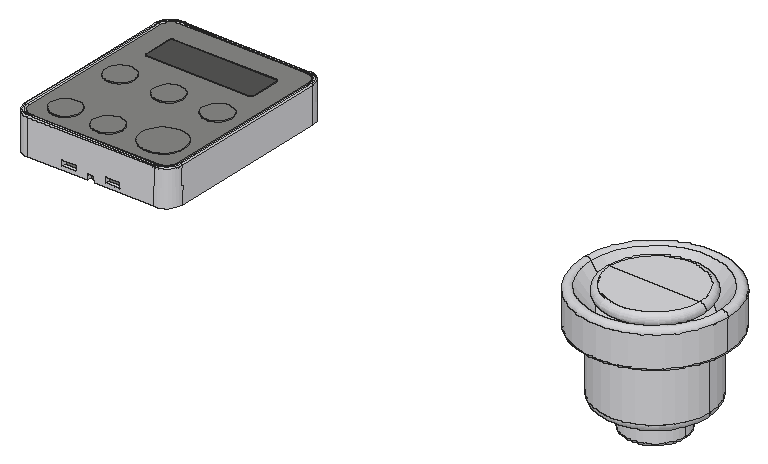
Revit family "Shower-Steam_Controler-KOHLER-Invigoration_Series-K-5557_1", category Plumbing Fixtures, host Face, Revit 2017
Family settings
  Host = Face
  Round Connector Dimension = Use Diameter
  Part Type = Normal
  OmniClass Number = 23.31.17.00
  OmniClass Title = Showers
  Cut with Voids When Loaded = No
  Shared = No
  Room Calculation Point = No
Parameters (values of type "CP-Polished Chrome")
  Width = 3 1/4"  # constant formula
  WaterSense Certified = 1 = 0  # no
  Waste Water Outlet = "Waste Water Outlet"  # constant formula
  Waste Connection = 1 = 0  # no
  Vent Connection = 1 = 0  # no
  URL = "https://www.us.kohler.com/us/"
  Type = 1
  Steam Inlet = "Steam Inlet"  # constant formula
  Steam Connection = 1 = 1  # yes
  Product Page URL = "http://www.us.kohler.com/us/catalog/productDetails.jsp?productNumber=5557"
  Product Name = "Invigoration Series"  # constant formula
  Product Documentation Link = "https://www.us.kohler.com/webassets/kpna/catalog/pdf/en/K-5557_spec.pdf"
  Pressure = 0.00 psi
  Panel Thickness = 0"
  Model = if(Type = 1, "K-5557-CP", if(Type = 2, "K-5557-SN", if(Type = 3, "K-5557-BN", if(Type = 4, "K-5557-BV", if(Type = 5, "K-5557-2BZ", if(Type = 6, "K-5557-TT", "NA"))))))  # "K-5557-CP"
  Material = "Premium Metal Construction"  # constant formula
  Master Format 2014 Name = "Residential Showers"  # constant formula
  Master Format 2014 = "22 42 23"  # constant formula
  Manufacturer Address = "444 Highland Dr, Kohler, WI 53044"  # constant formula
  Manufacturer = "KOHLER Co."  # constant formula
  Length = 3/4"  # constant formula
  Hot Water Inlet = "Hot Water Inlet"  # constant formula
  Height = 4"  # constant formula
  HW Connection = 1 = 0  # no
  Flow Rate = 0 GPM
  Finish = Kohler-Metal-CP-Polished_Chrome
  Environmental Product Declaration = ""
  Drain Included = 1 = 0  # no
  Distance Between Control Panel and Steam Head [instance] = 10"
  Description = "Steam generator conrol kit"  # constant formula
  Default Elevation = 60"
  Declare Label = ""
  Date Modified = "04/06/2020"  # constant formula
  Date Created = "04/06/2020"  # constant formula
  Copyright = "Copyright KOHLER Co."  # constant formula
  Contact Us = "https://www.us.kohler.com/us/static/contact.jsp"
  Cold Water Inlet = "Cold Water Inlet"  # constant formula
  CW Connection = 1 = 0  # no
  Assembly Code = "D2010700"
  ADA Compliant = 1 = 0  # no
Types (7): name | Type | Model | Finish
  (no name) | 1 | "K-5557-CP" | Kohler-Metal-CP-Polished_Chrome
  CP-Polished Chrome | 1 | "K-5557-CP" | Kohler-Metal-CP-Polished_Chrome
  SN-Vibrant Polished Nickel | 2 | "K-5557-SN" | Kohler-Metal-SN-Vibrant_Polished_Nickel
  BN-Vibrant Brushed Nickel | 3 | "K-5557-BN" | Kohler-Metal-BN-Vibrant_Brushed_Nickel
  BV-Vibrant Brushed Bronze | 4 | "K-5557-BV" | Kohler-Metal-BV-Brushed_Bronze
  2BZ-Oil-Rubbed Bronze | 5 | "K-5557-2BZ" | Kohler-Metal-2BZ-Oil_Rubbed_Bronze
  TT-Vibrant Titanium | 6 | "K-5557-TT" | Kohler-Metal-TT-Vibrant_Titanium
Reference planes (in)
  plane 1 "Center (Front/Back)": y = 0
  plane 2: z = 0
  plane 3 "Center (Left/Right)": x = 0
  plane 4: y = -2
  plane 5: y = 2
  plane 6: x = -5
  plane 7: z = -1.875
  plane 8: z = -1.375
  plane 9: y = 1.5
  plane 10: y = -1.5
  plane 11: x = 5
  plane 12: x = 3.5
  plane 13: x = 6.5
  plane 14: x = -6.625
  plane 15: x = -3.375
  plane 16: z = 0.75
  plane 17: x = 3.875
  plane 18: x = 6.125
  plane 19: y = 1.125
  plane 20: y = -1.125
  plane 21: y = 0.625
  plane 22: y = -0.625
  plane 23: x = 4.375
  plane 24: x = 5.625
Forms (in)
  Revolve 1, void
    sketch origin (0, 0, 0) x (1, 0, 0) y (0, 0, 1)
      loop
        line (5, 0) -> (3.859375, 0) -> (3.859375, -1.390625) -> (4.3539055, -1.390625) -> (4.3539055, -1.875) -> (5, -1.875) -> (5, 0)
      axis (5, -1.875) -> (5, 0)
    angle from 0 to 360
Dimensions and locks (in)
  "Height": plane 4 to plane 5
  level to plane 7 = 1 7/8"
  locked: plane 12 to plane 13 at 3
  equal spacing: plane 12, plane 11, plane 13, locked at 1.5 each
  "Distance Between Control Panel and Steam Head": plane 6 to plane 11
  equal spacing: plane 6, plane 3 "Center (Left/Right)", plane 11
  equal spacing: plane 14, plane 6, plane 15, locked at 1.625 each
  "Width": plane 14 to plane 15
  "Length": plane 16 to level
  locked: plane 18 to plane 17 at 2.25
  equal spacing: plane 18, plane 11, plane 17, locked at 1.125 each
  plane 21 to plane 22 = 1 1/4"
  locked: plane 24 to plane 23 at 1.25
  equal spacing: plane 24, plane 11, plane 23
  locked: plane 9 to plane 10 at 3
  aligned and locked: plane 2 to host face
  aligned and locked: level to host face
  aligned and locked: plane 1 "Center (Front/Back)" to nested 2
  aligned and locked: plane 11 to nested 2
  aligned and locked: nested 1 to plane 6
  aligned and locked: plane 14 to nested 1
  aligned and locked: plane 15 to nested 1
  aligned and locked: plane 17 to nested 2
  aligned and locked: plane 18 to nested 2
Automatic sketch dimensions
  host sketch curve to host sketch curve = 96"  (x2)
  Revolve 1 sketch curve to level = 0"
  Revolve 1 sketch curve to plane 7 = 0"
  Revolve 1 sketch curve to plane 11 = 0"  (x2)
  Revolve 1 sketch curve to plane 23 = 0.02109"
  Revolve 1 sketch curve to plane 17 = 1/64"
  Revolve 1 sketch curve to plane 8 = 1/64"
  Revolve 1 sketch curve to Revolve 1 sketch curve = 3/8"
  plane 8 to Revolve 1 sketch curve = 3/8"
Nested families (in)
  nested 1: "K-5557_Control_Panel" at (-5, 0, 0), type "K-5557_Control_Panel"
  nested 2: "K-5557_Steam_Head" at (5, 0, 0), type "K-5557_Steam_Head"
Connectors (in)
  piping at (5, 0, -1.875), diameter 0.5, driven by "Flow Rate", driven by "Pressure", driven by "Steam Inlet", driven by "Steam Connection"
    settings: on nested 2, index 1, connector inside diameter 24", connector length 0", flow factor 0, pipe flow 0 GPM, pressure drop 0.00 psi, fitting loss kfactor 0, connector angle 0.00°, fixture units 0, engagement length 0", angle of deflection 0.00°, flow configuration 1, flow direction 1, fitting loss method 4, system type 22, joint type 0, gender type 0, connector reference index -1, connector utility 1, adjustable connector no, is connector primary yes, connector description "Steam Inlet"
Definition of nested family "K-5557_Control_Panel"
  Parameters (values of type "K-5557_Control_Panel")
    Material = none
  Reference planes (in)
    plane 1 "Center (Front/Back)": y = 0
    plane 2: z = 0
    plane 3 "Center (Left/Right)": x = 0
    plane 4: y = 2
    plane 5: x = -1.625
    plane 6: y = -2
    plane 7: x = 1.625
    plane 8: z = 0.75
  Forms (in)
    Sweep 1, solid, material <- "Material", detail levels medium+fine
      path origin (0, 0, 0) x (1, 0, 0) y (0, 1, 0)
        loop
          line (-1.625, 1.6772469) -> (-1.625, -1.6757813)
          arc (-1.625, -1.6757813) -> (-1.5300385, -1.9050385) -> (-1.3007812, -2) r 0.3242188
          line (-1.3007812, -2) -> (1.3007813, -2)
          arc (1.3007813, -2) -> (1.5300385, -1.9050385) -> (1.625, -1.6757813) r 0.3242188
          line (1.625, -1.6757813) -> (1.625, 1.6757812)
          arc (1.625, 1.6757812) -> (1.5300385, 1.9050385) -> (1.3007813, 2) r 0.3242188
          line (1.3007813, 2) -> (-1.3022469, 2)
          arc (-1.3022469, 2) -> (-1.5304678, 1.9054678) -> (-1.625, 1.6772469) r 0.3227531
      profile origin (-1.625, 0.0007328, 0) x (1, 0, 0) y (0, 0, 1)
        loop
          line (0.0086421, 0.7181697) -> (0.0023748, 0) -> (0.0899793, 0) -> (0.0899793, 0.7195082)
          arc (0.0899793, 0.7195082) -> (0.0841947, 0.7334733) -> (0.0702296, 0.7392578) r 0.0197497
          line (0.0702296, 0.7392578) -> (0.0299151, 0.7392578)
          arc (0.0299151, 0.7392578) -> (0.0149381, 0.7330924) -> (0.0086421, 0.7181697) r 0.0212738
    Extrusion 2, solid, detail levels medium+fine
      sketch origin (0, 0, 0) x (1, 0, 0) y (0, 1, 0)
        loop
          arc (-1.3022469, 1.9100207) -> (-1.4668429, 1.8418429) -> (-1.5350207, 1.6772469) r 0.2327739
          line (-1.5350207, 1.6772469) -> (-1.5350207, -1.6757813)
          arc (-1.5350207, -1.6757813) -> (-1.4664136, -1.8414136) -> (-1.3007812, -1.9100207) r 0.2342395
          line (-1.3007812, -1.9100207) -> (1.3007813, -1.9100207)
          arc (1.3007813, -1.9100207) -> (1.4664136, -1.8414136) -> (1.5350207, -1.6757813) r 0.2342395
          line (1.5350207, -1.6757813) -> (1.5350207, 1.6757812)
          arc (1.5350207, 1.6757812) -> (1.4664136, 1.8414136) -> (1.3007813, 1.9100207) r 0.2342395
          line (1.3007813, 1.9100207) -> (-1.3022469, 1.9100207)
      from 0 to 0.7388112
    Extrusion 3, solid, detail levels medium+fine
      sketch origin (0, 0, 0) x (1, 0, 0) y (0, 1, 0)
        loop
          circle (0, 0) r 0.2923658
        loop
          circle (-1, 0) r 0.2923658
        loop
          circle (1, 0) r 0.2923658
        loop
          circle (-1, -1.4030967) r 0.2923658
        loop
          circle (-0.1232894, -1.4030967) r 0.2923658
        loop
          circle (0.8923356, -1.2624717) r 0.4296875
      from 0.6811013 to 0.75
    Extrusion 4, void
      sketch origin (0, 0, 0) x (1, 0, 0) y (0, 1, 0)
        loop
          line (-1.1048144, 1.377646) -> (-1.1048144, 0.8110625)
          arc (-1.1048144, 0.8110625) -> (-1.0865086, 0.7668684) -> (-1.0423144, 0.7485625) r 0.0625
          line (-1.0423144, 0.7485625) -> (0.0042017, 0.7485625) -> (1.0423144, 0.7485625)
          arc (1.0423144, 0.7485625) -> (1.0865086, 0.7668684) -> (1.1048144, 0.8110625) r 0.0625
          line (1.1048144, 0.8110625) -> (1.1048144, 1.3778604)
          arc (1.1048144, 1.3778604) -> (1.0865086, 1.4220546) -> (1.0423144, 1.4403604) r 0.0625
          line (1.0423144, 1.4403604) -> (-1.0421001, 1.4403604)
          arc (-1.0421001, 1.4403604) -> (-1.0864458, 1.4219918) -> (-1.1048144, 1.377646) r 0.0627143
      from 0.6811013 to 1.4273431
    Extrusion 5, solid, detail levels medium+fine
      sketch origin (0, 0, 0) x (1, 0, 0) y (0, 1, 0)
        loop
          line (1.0423144, 1.4403604) -> (-1.0421001, 1.4403604)
          arc (-1.0421001, 1.4403604) -> (-1.0864458, 1.4219918) -> (-1.1048144, 1.377646) r 0.0627143
          line (-1.1048144, 1.377646) -> (-1.1048144, 0.8110625)
          arc (-1.1048144, 0.8110625) -> (-1.0865086, 0.7668684) -> (-1.0423144, 0.7485625) r 0.0625
          line (-1.0423144, 0.7485625) -> (0.0042017, 0.7485625) -> (1.0423144, 0.7485625)
          arc (1.0423144, 0.7485625) -> (1.0865086, 0.7668684) -> (1.1048144, 0.8110625) r 0.0625
          line (1.1048144, 0.8110625) -> (1.1048144, 1.3778604)
          arc (1.1048144, 1.3778604) -> (1.0865086, 1.4220546) -> (1.0423144, 1.4403604) r 0.0625
      from 0.6811013 to 0.7388112
    Extrusion 6, void
      sketch origin (0, 0, 0) x (1, 0, 0) y (0, 0, 1)
        loop
          line (-0.0657156, 0.0987933) -> (-0.0713058, -0.007874) -> (0.0713058, -0.007874) -> (0.0657156, 0.0987933)
          arc (0.0657156, 0.0987933) -> (0.059391, 0.1125123) -> (0.0453598, 0.1181102) r 0.0203838
          line (0.0453598, 0.1181102) -> (-0.0453598, 0.1181102)
          arc (-0.0453598, 0.1181102) -> (-0.059391, 0.1125123) -> (-0.0657156, 0.0987933) r 0.0203838
        loop
          line (-0.592334, 0.1930165) -> (-0.5953237, 0.0788432) -> (-0.29444, 0.0788432) -> (-0.2974298, 0.1930165) -> (-0.592334, 0.1930165)
        loop
          line (0.2974298, 0.1930165) -> (0.29444, 0.0788432) -> (0.5953237, 0.0788432) -> (0.592334, 0.1930165) -> (0.2974298, 0.1930165)
      from 1.9100207 to 2.3886496
    Extrusion 7, solid, material <- "Material", detail levels coarse
      sketch origin (0, 0, 0) x (1, 0, 0) y (0, 1, 0)
        loop
          line (-1.5350207, 1.9100207) -> (-1.5350207, -1.9100207) -> (1.5350207, -1.9100207) -> (1.5350207, 1.9100207) -> (-1.5350207, 1.9100207)
        loop
          line (-1.6226252, 1.9976252) -> (-1.6226252, -1.9976252) -> (1.6226252, -1.9976252) -> (1.6226252, 1.9976252) -> (-1.6226252, 1.9976252)
      from 0 to 0.75
    Extrusion 8, solid, detail levels coarse
      sketch origin (0, 0, 0) x (1, 0, 0) y (0, 1, 0)
        loop
          line (-1.5350207, 1.9100207) -> (-1.5350207, -1.9100207) -> (1.5350207, -1.9100207) -> (1.5350207, 1.9100207) -> (-1.5350207, 1.9100207)
      from 0 to 0.7388112
  Cuts and joins
    Extrusion 4 cuts Extrusion 2
    joined: Extrusion 2, Extrusion 3
    Extrusion 6 cuts Sweep 1
  Lines and regions (in)
    Masking region 1
      outline origin (0, 0, 0) x (0, 1, 0) y (0, 0, 1)
        loop
          line (2, 0) -> (1.9919367, 0.7188243)
          arc (1.9919367, 0.7188243) -> (1.9857676, 0.7333704) -> (1.9711531, 0.739376) r 0.0207848
          line (1.9711531, 0.739376) -> (0.2926711, 0.739376) -> (0.2634818, 0.75) -> (-0.2634818, 0.75) -> (-0.2926711, 0.739376) -> (-0.8328665, 0.739376) -> (-0.8637209, 0.75) -> (-1.6660033, 0.75) -> (-1.6954779, 0.7392721) -> (-1.9702688, 0.7392721)
          arc (-1.9702688, 0.7392721) -> (-1.985039, 0.7332065) -> (-1.9912834, 0.7185109) r 0.0210161
          line (-1.9912834, 0.7185109) -> (-2, 0) -> (2, 0)
    Masking region 2
      outline origin (0, 0, 0) x (1, 0, 0) y (0, 0, 1)
        loop
          line (-1.625, 0) -> (1.625, 0) -> (1.6160933, 0.7181762)
          arc (1.6160933, 0.7181762) -> (1.6098833, 0.7327828) -> (1.5952009, 0.7388112) r 0.0208941
          line (1.5952009, 0.7388112) -> (1.3220231, 0.7388112) -> (1.2923658, 0.75) -> (0.4919546, 0.75) -> (0.462456, 0.7392634) -> (0.2923574, 0.7392634) -> (0.2628587, 0.75) -> (-0.3862044, 0.75) -> (-0.4156408, 0.739286) -> (-0.7089388, 0.739286) -> (-0.7383752, 0.75) -> (-1.262887, 0.75) -> (-1.2923665, 0.7392703) -> (-1.596031, 0.7392703)
          arc (-1.596031, 0.7392703) -> (-1.6101188, 0.7334861) -> (-1.6160773, 0.7194711) r 0.0200478
          line (-1.6160773, 0.7194711) -> (-1.625, 0)
    Masking region 3
      outline origin (0, 0, 0) x (1, 0, 0) y (0, 1, 0)
        loop
          line (-1.625, 1.673073) -> (-1.625, -1.673073)
          arc (-1.625, -1.673073) -> (-1.5292453, -1.9042453) -> (-1.298073, -2) r 0.326927
          line (-1.298073, -2) -> (1.298073, -2)
          arc (1.298073, -2) -> (1.5292453, -1.9042453) -> (1.625, -1.673073) r 0.326927
          line (1.625, -1.673073) -> (1.625, 1.673073)
          arc (1.625, 1.673073) -> (1.5292453, 1.9042453) -> (1.298073, 2) r 0.326927
          line (1.298073, 2) -> (-1.298073, 2)
          arc (-1.298073, 2) -> (-1.5292453, 1.9042453) -> (-1.625, 1.673073) r 0.326927
    symbolic lines, detail levels medium+fine
      curve 1: line (0, 0.2923658, 0.7388112) -> (0, -0.2926711, 0.739376)
      curve 2: line (0, -0.8328665, 0.739376) -> (0, -1.6954625, 0.7388112)
      curve 3: line (0, -1.1106559, 0.7391941) -> (0, -1.1420385, 0.75)
      curve 4: line (-1.2923665, 0, 0.7392703) -> (-0.7088696, 0, 0.7392703)
      curve 5: line (-0.4156408, 0, 0.739286) -> (0.292288, 0, 0.739286)
      curve 6: line (0.462456, 0, 0.7392634) -> (1.3220231, 0, 0.7388112)
      curve 7: arc (-1.3022469, 1.9100207, 0) -> (-1.4668429, 1.8418429, 0) -> (-1.5350207, 1.6772469, 0) r 0.2327739
      curve 8: line (1.3007813, 1.9100207, 0) -> (-1.3022469, 1.9100207, 0)
      curve 9: arc (1.5350207, 1.6757812, 0) -> (1.4664136, 1.8414136, 0) -> (1.3007813, 1.9100207, 0) r 0.2342395
      curve 10: line (-1.5350207, 1.6772469, 0) -> (-1.5350207, -1.6757813, 0)
      curve 11: line (1.5350207, -1.6757813, 0) -> (1.5350207, 1.6757812, 0)
      curve 12: arc (-1.5350207, -1.6757813, 0) -> (-1.4664136, -1.8414136, 0) -> (-1.3007812, -1.9100207, 0) r 0.2342395
      curve 13: line (-1.3007812, -1.9100207, 0) -> (1.3007813, -1.9100207, 0)
      curve 14: arc (1.3007813, -1.9100207, 0) -> (1.4664136, -1.8414136, 0) -> (1.5350207, -1.6757813, 0) r 0.2342395
      curve 15: arc (1.3220231, -1.2624717, 0) -> (0.8923356, -0.8327842, 0) -> (0.4626481, -1.2624717, 0) r 0.4296875
      curve 16: arc (0.4626481, -1.2624717, 0) -> (0.8923356, -1.6921592, 0) -> (1.3220231, -1.2624717, 0) r 0.4296875
      curve 17: arc (-0.4156551, -1.4030967, 0) -> (-0.1232894, -1.6954625, 0) -> (0.1690764, -1.4030967, 0) r 0.2923658
      curve 18: arc (0.1690764, -1.4030967, 0) -> (-0.1232894, -1.110731, 0) -> (-0.4156551, -1.4030967, 0) r 0.2923658
      curve 19: arc (-0.7076342, -1.4030967, 0) -> (-1, -1.110731, 0) -> (-1.2923658, -1.4030967, 0) r 0.2923658
      curve 20: arc (-1.2923658, -1.4030967, 0) -> (-1, -1.6954625, 0) -> (-0.7076342, -1.4030967, 0) r 0.2923658
      curve 21: arc (-1.2923658, 0, 0) -> (-1, -0.2923658, 0) -> (-0.7076342, 0, 0) r 0.2923658
      curve 22: arc (-0.7076342, 0, 0) -> (-1, 0.2923658, 0) -> (-1.2923658, 0, 0) r 0.2923658
      curve 23: arc (0.2923658, 0, 0) -> (0, 0.2923658, 0) -> (-0.2923658, 0, 0) r 0.2923658
      curve 24: arc (-0.2923658, 0, 0) -> (0, -0.2923658, 0) -> (0.2923658, 0, 0) r 0.2923658
      curve 25: arc (0.7076342, 0, 0) -> (1, -0.2923658, 0) -> (1.2923658, 0, 0) r 0.2923658
      curve 26: arc (1.2923658, 0, 0) -> (1, 0.2923658, 0) -> (0.7076342, 0, 0) r 0.2923658
      curve 27: arc (-1.0421001, 1.4403604, 0) -> (-1.0864458, 1.4219918, 0) -> (-1.1048144, 1.377646, 0) r 0.0627143
      curve 28: line (1.0423144, 1.4403604, 0) -> (-1.0421001, 1.4403604, 0)
      curve 29: line (-1.1048144, 1.377646, 0) -> (-1.1048144, 0.8110625, 0)
      curve 30: arc (-1.1048144, 0.8110625, 0) -> (-1.0865086, 0.7668684, 0) -> (-1.0423144, 0.7485625, 0) r 0.0625
      curve 31: line (-1.0423144, 0.7485625, 0) -> (0.0042017, 0.7485625, 0)
      curve 32: line (0.0042017, 0.7485625, 0) -> (1.0423144, 0.7485625, 0)
      curve 33: arc (1.0423144, 0.7485625, 0) -> (1.0865086, 0.7668684, 0) -> (1.1048144, 0.8110625, 0) r 0.0625
      curve 34: line (1.1048144, 0.8110625, 0) -> (1.1048144, 1.3778604, 0)
      curve 35: arc (1.1048144, 1.3778604, 0) -> (1.0865086, 1.4220546, 0) -> (1.0423144, 1.4403604, 0) r 0.0625
      curve 36: line (-1.1659174, -1.3725754, 0) -> (-1.0032853, -1.5352075, 0)
      curve 37: line (-1.0032853, -1.5352075, 0) -> (-0.8406532, -1.3725754, 0)
      curve 38: line (-1.1327717, -1.3394298, 0) -> (-1.0032853, -1.4689162, 0)
      curve 39: line (-1.0032853, -1.4689162, 0) -> (-0.8737989, -1.3394298, 0)
      curve 40: line (-1.1659174, -1.3725754, 0) -> (-1.1327717, -1.3394298, 0)
      curve 41: line (-0.8737989, -1.3394298, 0) -> (-0.8406532, -1.3725754, 0)
      curve 42: line (0.051172, -1.4551869, 0) -> (-0.1114601, -1.2925548, 0)
      curve 43: line (-0.1114601, -1.2925548, 0) -> (-0.2740922, -1.4551869, 0)
      curve 44: line (0.0180263, -1.4883325, 0) -> (-0.1114601, -1.3588461, 0)
      curve 45: line (-0.1114601, -1.3588461, 0) -> (-0.2409466, -1.4883325, 0)
      curve 46: line (0.051172, -1.4551869, 0) -> (0.0180263, -1.4883325, 0)
      curve 47: line (-0.2409466, -1.4883325, 0) -> (-0.2740922, -1.4551869, 0)
      curve 48: circle (-0.9968692, 0, 0) r 0.1565367 normal (0, 0, 1)
      curve 49: line (-0.9983968, 0, 0) -> (-0.9983968, 0.1018695, 0)
      curve 50: line (-0.9983968, 0, 0) -> (-0.9271264, -0.0712703, 0)
      curve 51: arc (0.8140695, -1.0310442, 0) -> (0.893775, -1.5179978, 0) -> (0.9734804, -1.0310442, 0) r 0.25
      curve 52: arc (0.8140695, -1.0811642, 0) -> (0.893775, -1.4711228, 0) -> (0.9734804, -1.0811642, 0) r 0.203125
      curve 53: line (0.8140695, -1.0310442, 0) -> (0.8140695, -1.0811642, 0)
      curve 54: line (0.9734804, -1.0310442, 0) -> (0.9734804, -1.0811642, 0)
      curve 55: line (0.8711679, -1.1522781, 0) -> (0.8711679, -0.940824, 0)
      curve 56: line (0.8711679, -0.940824, 0) -> (0.9163821, -0.940824, 0)
      curve 57: line (0.9163821, -1.1522781, 0) -> (0.9163821, -0.940824, 0)
      curve 58: line (0.8711679, -1.1522781, 0) -> (0.9163821, -1.1522781, 0)
      curve 59: circle (0.8921194, -0.8768623, 0) r 0.0340244 normal (0, 0, 1)
      curve 60: arc (0.9546991, -0.0756929, 0) -> (0.9944994, -0.18147, 0) -> (1.0342997, -0.0756929, 0) r 0.0603763
      curve 61: line (0.9546991, -0.0756929, 0) -> (0.9546991, 0.1774093, 0)
      curve 62: line (0.9546991, 0.1774093, 0) -> (1.0342997, 0.1774093, 0)
      curve 63: line (1.0342997, -0.0756929, 0) -> (1.0342997, 0.1774093, 0)
      curve 64: line (0, 0.1475834, 0) -> (-0.0828457, 0.1475834, 0)
      curve 65: line (-0.0828457, 0.1475834, 0) -> (-0.0828457, 0.0856102, 0)
      curve 66: line (-0.0828457, 0.0856102, 0) -> (-0.01352, 0, 0)
      curve 67: line (0, 0.1475834, 0) -> (0.0828457, 0.1475834, 0)
      curve 68: line (0.0828457, 0.1475834, 0) -> (0.0828457, 0.0856102, 0)
      curve 69: line (0.0828457, 0.0856102, 0) -> (0.01352, 0, 0)
      curve 70: line (0, -0.1475834, 0) -> (-0.0828457, -0.1475834, 0)
      curve 71: line (-0.0828457, -0.1475834, 0) -> (-0.0828457, -0.0856102, 0)
      curve 72: line (-0.0828457, -0.0856102, 0) -> (-0.01352, 0, 0)
      curve 73: line (0, -0.1475834, 0) -> (0.0828457, -0.1475834, 0)
      curve 74: line (0.0828457, -0.1475834, 0) -> (0.0828457, -0.0856102, 0)
      curve 75: line (0.0828457, -0.0856102, 0) -> (0.01352, 0, 0)
      curve 76: line (1.3007813, 1.9803332, 0) -> (-1.3022469, 1.9803332, 0)
      curve 77: arc (-1.3022469, 1.9803332, 0) -> (-1.5165613, 1.8915613, 0) -> (-1.6053332, 1.6772469, 0) r 0.3030864
      curve 78: line (-1.6053332, 1.6772469, 0) -> (-1.6053332, -1.6757813, 0)
      curve 79: arc (-1.6053332, -1.6757813, 0) -> (-1.516132, -1.891132, 0) -> (-1.3007812, -1.9803332, 0) r 0.304552
      curve 80: line (-1.3007812, -1.9803332, 0) -> (1.3007813, -1.9803332, 0)
      curve 81: arc (1.3007813, -1.9803332, 0) -> (1.516132, -1.891132, 0) -> (1.6053332, -1.6757813, 0) r 0.304552
      curve 82: line (1.6053332, -1.6757813, 0) -> (1.6053332, 1.6757812, 0)
      curve 83: arc (1.6053332, 1.6757812, 0) -> (1.516132, 1.891132, 0) -> (1.3007813, 1.9803332, 0) r 0.304552
      curve 84: line (-0.2974298, 0, 0.1930165) -> (-0.592334, 0, 0.1930165)
      curve 85: line (-0.29444, 0, 0.0788432) -> (-0.2974298, 0, 0.1930165)
      curve 86: line (-0.5953237, 0, 0.0788432) -> (-0.29444, 0, 0.0788432)
      curve 87: line (-0.592334, 0, 0.1930165) -> (-0.5953237, 0, 0.0788432)
      curve 88: line (0.2974298, 0, 0.1930165) -> (0.592334, 0, 0.1930165)
      curve 89: line (0.592334, 0, 0.1930165) -> (0.5953237, 0, 0.0788432)
      curve 90: line (0.5953237, 0, 0.0788432) -> (0.29444, 0, 0.0788432)
      curve 91: line (0.29444, 0, 0.0788432) -> (0.2974298, 0, 0.1930165)
      curve 92: line (-0.0453598, 0, 0.1181102) -> (0.0453598, 0, 0.1181102)
      curve 93: line (0.0708932, 0, 0) -> (0.0657156, 0, 0.0987933)
      curve 94: arc (-0.0453598, 0, 0.1181102) -> (-0.059391, 0, 0.1125123) -> (-0.0657156, 0, 0.0987933) r 0.0203838
      curve 95: line (-0.0657156, 0, 0.0987933) -> (-0.0708932, 0, 0)
      curve 96: arc (0.0657156, 0, 0.0987933) -> (0.059391, 0, 0.1125123) -> (0.0453598, 0, 0.1181102) r 0.0203838
  Dimensions and locks (in)
    locked: plane 4 to plane 6 at 4
    locked: plane 5 to plane 7 at 3.25
    plane 8 to level = 3/4"
    aligned and locked: plane 2 to level
Definition of nested family "K-5557_Steam_Head"
  Parameters (values of type "K-5557_Steam_Head")
    Material = none
  Reference planes (in)
    plane 1 "Center (Front/Back)": y = 0
    plane 2: z = 0
    plane 3 "Center (Left/Right)": x = 0
    plane 4: y = 1.5
    plane 5: z = 0.75
    plane 6: y = -1.5
    plane 7: x = 1.5
    plane 8: x = -1.5
    plane 9: z = -1.875
    plane 10: x = -1.125
    plane 11: x = 1.125
    plane 12: x = -0.625
    plane 13: x = 0.625
    plane 14: y = 1.125
    plane 15: y = -1.125
    plane 16: y = 0.625
    plane 17: y = -0.625
    plane 18: z = -1.375
  Forms (in)
    Revolve 1, solid, material <- "Material", detail levels medium+fine
      sketch origin (0, 0, 0) x (1, 0, 0) y (0, 0, 1)
        loop
          line (0, -1.875) -> (0, 0.75) -> (-0.9234182, 0.75)
          arc (-0.9234182, 0.75) -> (-1.0385757, 0.6348425) -> (-0.9234182, 0.519685) r 0.1151575
          line (-0.9234182, 0.519685) -> (-0.6666593, 0.519685)
          arc (-0.6666593, 0.519685) -> (-0.4863061, 0.4797189) -> (-0.3322545, 0.3777745) r 0.5068396
          arc (-0.3322545, 0.3777745) -> (-0.3097208, 0.3127891) -> (-0.3062698, 0.2440945) r 0.24336
          line (-0.3062698, 0.2440945) -> (-0.9745378, 0.2440945) -> (-1.3195796, 0.7099951)
          arc (-1.3195796, 0.7099951) -> (-1.4313133, 0.7454553) -> (-1.5, 0.6504607) r 0.1000327
          line (-1.5, 0.6504607) -> (-1.5, 0.0209399)
          arc (-1.5, 0.0209399) -> (-1.4938669, 0.0061331) -> (-1.4790601, 0) r 0.0209399
          line (-1.4790601, 0) -> (-1.1614529, 0)
          arc (-1.1614529, 0) -> (-1.1356768, -0.0106768) -> (-1.125, -0.0364529) r 0.0364529
          line (-1.125, -0.0364529) -> (-1.125, -1.2272258)
          arc (-1.125, -1.2272258) -> (-1.0817179, -1.3317179) -> (-0.9772258, -1.375) r 0.1477742
          line (-0.9772258, -1.375) -> (-0.625, -1.375) -> (-0.625, -1.8495531)
          arc (-0.625, -1.8495531) -> (-0.6175468, -1.8675468) -> (-0.5995531, -1.875) r 0.0254469
          line (-0.5995531, -1.875) -> (0, -1.875)
        axis (0, -1.875) -> (0, 0.75)
      angle from 0 to 360
    Revolve 2, solid, material <- "Material", detail levels coarse
      sketch origin (0, 0, 0) x (0, 1, 0) y (0, 0, 1)
        loop
          line (0, -1.875) -> (0.5980093, -1.875) -> (0.5980093, -1.375) -> (1.125, -1.375) -> (1.125, 0) -> (1.5, 0) -> (1.5, 0.75) -> (0, 0.75) -> (0, -1.875)
        axis (0, -1.875) -> (0, 0.75)
      angle from 0 to 360
    Extrusion 3, solid, material <- "Material", detail levels medium+fine
      sketch origin (0, 0, 0) x (1, 0, 0) y (0, 1, 0)
        loop
          circle (0, 0) r 0.25
      from -1.875 to -1.7625456
  Lines and regions (in)
    Masking region 1
      outline origin (0, 0, 0) x (1, 0, 0) y (0, 0, 1)
        loop
          line (-0.599389, -1.875) -> (0.599389, -1.875)
          arc (0.599389, -1.875) -> (0.6174987, -1.8674987) -> (0.625, -1.849389) r 0.025611
          line (0.625, -1.849389) -> (0.625, -1.375) -> (0.9786694, -1.375)
          arc (0.9786694, -1.375) -> (1.0821407, -1.3321407) -> (1.125, -1.2286694) r 0.1463306
          line (1.125, -1.2286694) -> (1.125, -0.0370851)
          arc (1.125, -0.0370851) -> (1.135862, -0.010862) -> (1.1620851, 0) r 0.0370851
          line (1.1620851, 0) -> (1.4777637, 0)
          arc (1.4777637, 0) -> (1.4934871, 0.0065129) -> (1.5, 0.0222363) r 0.0222363
          line (1.5, 0.0222363) -> (1.5, 0.6538184)
          arc (1.5, 0.6538184) -> (1.4718291, 0.7218291) -> (1.4038184, 0.75) r 0.0961816
          line (1.4038184, 0.75) -> (-1.4038184, 0.75)
          arc (-1.4038184, 0.75) -> (-1.4718291, 0.7218291) -> (-1.5, 0.6538184) r 0.0961816
          line (-1.5, 0.6538184) -> (-1.5, 0.0222363)
          arc (-1.5, 0.0222363) -> (-1.4934871, 0.0065129) -> (-1.4777637, 0) r 0.0222363
          line (-1.4777637, 0) -> (-1.1620851, 0)
          arc (-1.1620851, 0) -> (-1.135862, -0.010862) -> (-1.125, -0.0370851) r 0.0370851
          line (-1.125, -0.0370851) -> (-1.125, -1.2286694)
          arc (-1.125, -1.2286694) -> (-1.0821407, -1.3321407) -> (-0.9786694, -1.375) r 0.1463306
          line (-0.9786694, -1.375) -> (-0.625, -1.375) -> (-0.625, -1.849389)
          arc (-0.625, -1.849389) -> (-0.6174987, -1.8674987) -> (-0.599389, -1.875) r 0.025611
    Masking region 2
      outline origin (0, 0, 0) x (0, 1, 0) y (0, 0, 1)
        loop
          arc (0.5980093, -1.875) -> (0.6170946, -1.8670946) -> (0.625, -1.8480093) r 0.0269907
          line (0.625, -1.8480093) -> (0.625, -1.375) -> (0.9793509, -1.375)
          arc (0.9793509, -1.375) -> (1.0823404, -1.3323404) -> (1.125, -1.2293509) r 0.1456491
          line (1.125, -1.2293509) -> (1.125, -0.0366781)
          arc (1.125, -0.0366781) -> (1.1357428, -0.0107428) -> (1.1616781, 0) r 0.0366781
          line (1.1616781, 0) -> (1.4794653, 0)
          arc (1.4794653, 0) -> (1.4939855, 0.0060145) -> (1.5, 0.0205347) r 0.0205347
          line (1.5, 0.0205347) -> (1.5, 0.6526865)
          arc (1.5, 0.6526865) -> (1.4714975, 0.7214975) -> (1.4026865, 0.75) r 0.0973135
          line (1.4026865, 0.75) -> (-1.4026865, 0.75)
          arc (-1.4026865, 0.75) -> (-1.4714975, 0.7214975) -> (-1.5, 0.6526865) r 0.0973135
          line (-1.5, 0.6526865) -> (-1.5, 0.0205347)
          arc (-1.5, 0.0205347) -> (-1.4939855, 0.0060145) -> (-1.4794653, 0) r 0.0205347
          line (-1.4794653, 0) -> (-1.1616781, 0)
          arc (-1.1616781, 0) -> (-1.1357428, -0.0107428) -> (-1.125, -0.0366781) r 0.0366781
          line (-1.125, -0.0366781) -> (-1.125, -1.2293509)
          arc (-1.125, -1.2293509) -> (-1.0823404, -1.3323404) -> (-0.9793509, -1.375) r 0.1456491
          line (-0.9793509, -1.375) -> (-0.625, -1.375) -> (-0.625, -1.8480093)
          arc (-0.625, -1.8480093) -> (-0.6170946, -1.8670946) -> (-0.5980093, -1.875) r 0.0269907
          line (-0.5980093, -1.875) -> (0.5980093, -1.875)
    Masking region 3
      outline origin (0, 0, 0) x (1, 0, 0) y (0, 1, 0)
        loop
          circle (0, 0) r 1.5
    symbolic lines, detail levels medium+fine
      curve 1: line (-1.1620851, 0, 0) -> (1.1620851, 0, 0)
      curve 2: line (-0.625, 0, -1.375) -> (0.625, 0, -1.375)
      curve 3: line (0, 1.1616781, 0) -> (0, -1.1616781, 0)
      curve 4: line (0, 0.625, -1.375) -> (0, -0.625, -1.375)
      curve 5: circle (0, 0, 0) r 0.9745378 normal (0, 0, 1)
      curve 6: circle (0, 0, 0) r 1.0373324 normal (0, 0, 1)
  Dimensions and locks (in)
    plane 4 to plane 1 "Center (Front/Back)" = 1 1/2"
    plane 5 to level = 3/4"
    level to plane 9 = 1 7/8"
    plane 3 "Center (Left/Right)" to plane 12 = 5/8"
    plane 18 to plane 9 = 1/2"
    aligned and locked: plane 2 to level
    aligned and locked: Masking region 1 sketch curve to plane 12
